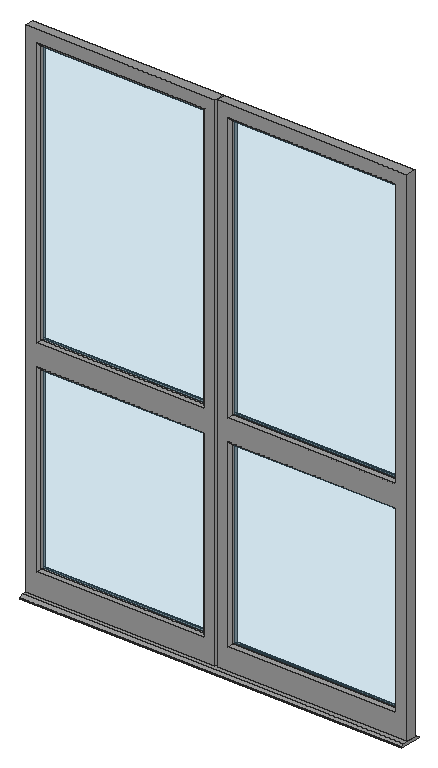
Revit family "NS-212 DOOR-Double-VIP-0.25-SF_v04", category Curtain Panels, Revit 2015
Parameters
  Width [instance] = 6' - 2"
  VIP2 Panic Devices [instance] = not(VIP1 Panic Devices)  # yes
  VIP1 Panic Devices [instance] = no
  URL = "obe.com"
  Rough Width [instance] = 6' - 0"
  Offset [instance] = 0' - 0"
  Model = "NS-212 DOOR"
  Min Panel Width [instance] = if(Rough Width > 5' 11 255/256", Rough Width, 6' 0")  # 6' - 0"
  Manufacturer = "Oldcastle BuildingEnvelope®"
  Keynote = "08 11 00"
  Hinge [instance] = yes
  Height [instance] = 8' - 0"
  Pushbar Height [instance] = 3' - 5 1/4"  # constant formula
  Glass Material = Glass
  Frame Material = Aluminum
  Door Panel Height [instance] = Height + 0' 0 1/2"  # 8' - 0 1/2"
  Description = "NS-212 - 1/4\" Door Infill"
  Assembly Code = "B2030"
  Analytic Construction = "<None>"
  6.5 Bottom Rail [instance] = not([4 Bottom Rail])  # no
  4 Bottom Rail [instance] = yes
Reference planes (in)
  plane 1 "Front": y = 0
  plane 2: z = 0
  plane 3 "Center (Left/Right)": x = 0
  plane 4 "Left": x = -37
  plane 5 "Right": x = 37
  plane 6 "Top": z = 96
  plane 7: x = -36
  plane 8: x = 36
Text (in)
  text "Exterior" at (-54.29358, 31.38743, 0), in view "Ref. Level"
  text "Exterior" at (480, 41.53993, 89.60405), in view "Right"
  text "Exterior" at (-240, 57.82419, 105.78864), in view "Left"
Dimensions and locks (in)
  equal spacing: plane 4 "Left", plane 3 "Center (Left/Right)", plane 5 "Right"
  "Width": plane 4 "Left" to plane 5 "Right"
  "Height": plane 6 "Top" to plane 2
  equal spacing: plane 7, plane 3 "Center (Left/Right)", plane 8
  "Min Panel Width": plane 7 to plane 8
  aligned and locked: level to plane 2
  aligned and locked: plane 3 "Center (Left/Right)" to nested 1
  aligned and locked: plane 1 "Front" to nested 1
Nested families (in)
  nested 1: "NS-212 DOOR-Double-VIP-0.25-Panel_v03" at (0, -13, 0), 4 Bottom Rail <- "4 Bottom Rail", VIP1 Panic Devices <- "VIP1 Panic Devices", Hinge <- "Hinge", Height <- "Door Panel Height", Width <- "Min Panel Width", Frame Material <- "Frame Material", Glass Material <- "Glass Material", Offset <- "Offset", type "NS-212 DOOR-Double-VIP-0.25-Panel_v03"
    with Wing Width 3' - 0", built-in parameter 1001301 6' - 0", VIP2 Panic Devices yes, VIP1 Panic Devices no, Pushbar Height 3' - 5 1/4", Offset 0' - 0", Hinge yes, built-in parameter 1001300 8' - 0 1/2", Glass at Muntin 0' - 4 9/16", Glass Material Glass, Frame Material Aluminum, Bottom Rail 0' - 4 31/32", 6.5 Bottom Rail no, 4 Bottom Rail yes
Definition of nested family "NS-212 DOOR-Double-VIP-0.25-Panel_v03"
  Parameters (values of type "NS-212 DOOR-Double-VIP-0.25-Panel_v03")
    Wing Width [instance] = Width / 2  # 3' - 0"
    Width [instance] = 6' - 0"
    VIP2 Panic Devices [instance] = not(VIP1 Panic Devices)  # yes
    VIP1 Panic Devices [instance] = no
    Offset [instance] = 0' - 9.9713"
    Hinge [instance] = yes
    Height [instance] = 8' - 0"
    Glass at Muntin [instance] = if(VIP1 Panic Devices, 0' 8 9/16", 0' 4 9/16")  # 0' - 4 9/16"
    Pushbar Height [instance] = 3' - 5 1/4"  # constant formula
    Glass Material [instance] = none
    Frame Material [instance] = none
    Bottom Rail [instance] = if([4 Bottom Rail], 0' 4 31/32", 0' 7 15/32")  # 0' - 4 31/32"
    6.5 Bottom Rail [instance] = not([4 Bottom Rail])  # no
    4 Bottom Rail [instance] = yes
  Reference planes (in)
    plane 1 "00": y = 2.0912
    plane 2: z = 0
    plane 3 "Center (Left/Right)": x = 0
    plane 4: z = 96
    plane 5: x = 36
    plane 6: x = -36
    plane 7 "Center (Front/Back)": y = 13
    plane 8 "Exterior": y = 2.2162
    plane 9: z = 48
    plane 10: z = 92.96875
    plane 11: z = 92.96875
    plane 12: z = 43.53125
    plane 13: z = 38.96875
    plane 14: z = 4.96875
    plane 15 "Offset": y = 3.0287
    plane 16: z = 41.25
    plane 17: z = 80.96875
  Forms (in)
    Sweep 1, solid, material <- "Frame Material"
      path origin (0, 2.0912, 0) x (1, 0, 0) y (0, 0, 1)
        loop
          line (-35.79321, 96) -> (-0.22004, 96)
      profile origin (-18.00662, 2.0912, 96) x (0, 0, 1) y (0, -1, 0)
        loop
          line (-0.5, -0.875) -> (-0.5, 0.875) -> (-2.74593, 0.875) -> (-3.25, 0.45204) -> (-3.25, 0.125) -> (-3.03125, 0.125) -> (-3.03125, -0.125) -> (-3.25, -0.125) -> (-3.25, -0.45204) -> (-2.74593, -0.875) -> (-0.5, -0.875)
    Sweep 2, solid, material <- "Frame Material"
      path origin (0, 2.0912, 0) x (1, 0, 0) y (0, 0, 1)
        loop
          line (-0.22004, 0) -> (-35.79321, 0)
      profile origin (-18.00662, 2.0912, 0) x (0, 0, -1) y (0, -1, 0)
        loop
          line (-4.68343, -0.875) -> (-0.6875, -0.875) -> (-0.6875, 0.875) -> (-4.68343, 0.875) -> (-5.1875, 0.45204) -> (-5.1875, 0.125) -> (-4.96875, 0.125) -> (-4.96875, -0.125) -> (-5.1875, -0.125) -> (-5.1875, -0.45204) -> (-4.68343, -0.875)
    Sweep 3, solid, material <- "Frame Material"
      path origin (0, 2.0912, 0) x (1, 0, 0) y (0, 0, 1)
        loop
          line (36, 95.5) -> (36, 0.6875)
      profile origin (36, 2.0912, 48.09375) x (0, -1, 0) y (1, 0, 0)
        loop
          line (-0.875, -0.08821) -> (-0.875, -2.20914) -> (-0.45204, -2.71321) -> (-0.125, -2.71321) -> (-0.125, -2.49446) -> (0.125, -2.49446) -> (0.125, -2.71321) -> (0.45204, -2.71321) -> (0.875, -2.20914) -> (0.875, -0.19721) -> (-0.875, -0.08821)
    Sweep 4, solid, material <- "Frame Material"
      path origin (0, 2.0912, 0) x (1, 0, 0) y (0, 0, 1)
        loop
          line (-36, 95.5) -> (-36, 0.6875)
      profile origin (-36, 2.0912, 48.09375) x (0, -1, 0) y (1, 0, 0)
        loop
          line (0.87496, 0.20679) -> (0.87496, 2.21872) -> (0.452, 2.72279) -> (0.12496, 2.72279) -> (0.12496, 2.50404) -> (-0.12504, 2.50404) -> (-0.12504, 2.72279) -> (-0.45208, 2.72279) -> (-0.87504, 2.21872) -> (-0.87504, 0.09779) -> (0.87496, 0.20679)
    Sweep 5, solid, material <- "Frame Material"
      path origin (0, 2.0912, 0) x (1, 0, 0) y (0, 0, 1)
        loop
          line (0, 95.5) -> (0, 0.6875)
      profile origin (0, 2.0912, 48.09375) x (0, -1, 0) y (1, 0, 0)
        loop
          line (-0.875, -0.22004) -> (-0.875, -2.18343) -> (-0.45204, -2.6875) -> (-0.125, -2.6875) -> (-0.125, -2.46875) -> (0.125, -2.46875) -> (0.125, -2.6875) -> (0.45204, -2.6875) -> (0.875, -2.18343) -> (0.875, -0.22004)
          arc (0.875, -0.22004) -> (0, -0.0625) -> (-0.875, -0.22004) r 2.50872
        loop
          arc (-0.875, 0.22004) -> (0, 0.0625) -> (0.875, 0.22004) r 2.50872
          line (0.875, 0.22004) -> (0.875, 2.18343) -> (0.45204, 2.6875) -> (0.125, 2.6875) -> (0.125, 2.46875) -> (-0.125, 2.46875) -> (-0.125, 2.6875) -> (-0.45204, 2.6875) -> (-0.875, 2.18343) -> (-0.875, 0.22004)
    Sweep 6, solid, material <- "Frame Material"
      path origin (0, 2.0912, 0) x (1, 0, 0) y (0, 0, 1)
        loop
          line (0.22004, 96) -> (35.80279, 96)
      profile origin (18.01141, 2.0912, 96) x (0, 0, 1) y (0, -1, 0)
        loop
          line (-0.5, -0.875) -> (-0.5, 0.875) -> (-2.74593, 0.875) -> (-3.25, 0.45204) -> (-3.25, 0.125) -> (-3.03125, 0.125) -> (-3.03125, -0.125) -> (-3.25, -0.125) -> (-3.25, -0.45204) -> (-2.74593, -0.875) -> (-0.5, -0.875)
    Sweep 7, solid, material <- "Frame Material"
      path origin (0, 2.0912, 0) x (1, 0, 0) y (0, 0, 1)
        loop
          line (35.80279, 48) -> (0.22004, 48)
      profile origin (18.01141, 2.0912, 48) x (0, 0, -1) y (0, -1, 0)
        loop
          line (4.25, 0.45204) -> (4.25, 0.125) -> (4.46875, 0.125) -> (4.46875, -0.125) -> (4.25, -0.125) -> (4.25, -0.45204) -> (4.75407, -0.875) -> (8.74593, -0.875) -> (9.25, -0.45204) -> (9.25, -0.125) -> (9.03125, -0.125) -> (9.03125, 0.125) -> (9.25, 0.125) -> (9.25, 0.45204) -> (8.74593, 0.875) -> (4.75407, 0.875) -> (4.25, 0.45204)
    Sweep 8, solid, material <- "Frame Material"
      path origin (0, 2.0912, 0) x (1, 0, 0) y (0, 0, 1)
        loop
          line (35.80279, 0) -> (0.22004, 0)
      profile origin (18.01141, 2.0912, 0) x (0, 0, -1) y (0, -1, 0)
        loop
          line (-4.68343, -0.875) -> (-0.6875, -0.875) -> (-0.6875, 0.875) -> (-4.68343, 0.875) -> (-5.1875, 0.45204) -> (-5.1875, 0.125) -> (-4.96875, 0.125) -> (-4.96875, -0.125) -> (-5.1875, -0.125) -> (-5.1875, -0.45204) -> (-4.68343, -0.875)
    Extrusion 9, solid, material <- "Glass Material"
      sketch origin (0, 0, 0) x (1, 0, 0) y (0, 1, 0)
        loop
          line (-33.49596, 2.2162) -> (-33.49596, 1.9662) -> (-2.46875, 1.9662) -> (-2.46875, 2.2162) -> (-33.49596, 2.2162)
      from 4.96875 to 38.96875
    Extrusion 10, solid, material <- "Glass Material"
      sketch origin (0, 0, 0) x (1, 0, 0) y (0, 1, 0)
        loop
          line (2.46875, 2.2162) -> (2.46875, 1.9662) -> (33.50554, 1.9662) -> (33.50554, 2.2162) -> (2.46875, 2.2162)
      from 4.96875 to 38.96875
    Extrusion 11, solid, material <- "Glass Material"
      sketch origin (0, 0, 0) x (1, 0, 0) y (0, 1, 0)
        loop
          line (-2.46875, 2.2162) -> (-33.49596, 2.2162) -> (-33.49596, 1.9662) -> (-2.46875, 1.9662) -> (-2.46875, 2.2162)
      from 43.53125 to 92.96875
    Extrusion 12, solid, material <- "Glass Material"
      sketch origin (0, 0, 0) x (1, 0, 0) y (0, 1, 0)
        loop
          line (33.50554, 2.2162) -> (2.46875, 2.2162) -> (2.46875, 1.9662) -> (33.50554, 1.9662) -> (33.50554, 2.2162)
      from 43.53125 to 92.96875
    Sweep 13, solid, material <- "Frame Material"
      path origin (0, 2.0912, 0) x (1, 0, 0) y (0, 0, 1)
        loop
          line (-0.22004, 48) -> (-35.79321, 48)
      profile origin (-18.00662, 2.0912, 48) x (0, 0, -1) y (0, -1, 0)
        loop
          line (4.25, 0.45204) -> (4.25, 0.125) -> (4.46875, 0.125) -> (4.46875, -0.125) -> (4.25, -0.125) -> (4.25, -0.45204) -> (4.75407, -0.875) -> (8.74593, -0.875) -> (9.25, -0.45204) -> (9.25, -0.125) -> (9.03125, -0.125) -> (9.03125, 0.125) -> (9.25, 0.125) -> (9.25, 0.45204) -> (8.74593, 0.875) -> (4.75407, 0.875) -> (4.25, 0.45204)
    Sweep 14, solid, material <- "Frame Material"
      path origin (0, 3.0287, 0) x (1, 0, 0) y (0, 0, 1)
        loop
          line (-35.79321, 0) -> (35.80279, 0)
      profile origin (0.00479, 3.0287, 0) x (0, 0, 1) y (0, -1, 0)
        loop
          line (0.5, -0.218) -> (0.5, 2.468) -> (0.19364, 3.125) -> (0, 3.125) -> (0, -0.875) -> (0.19364, -0.875) -> (0.5, -0.218)
  Cuts and joins
    joined: Sweep 1, Sweep 2, Sweep 3, Sweep 4, Sweep 5, Sweep 6, Sweep 7, Sweep 8, Sweep 13
  Lines and regions (in)
    model lines
      curve 1: line (0.22004, 2.2162, 95.5) -> (35.80279, 2.2162, 48)
      curve 2: line (35.80279, 2.2162, 48) -> (0.22004, 2.2162, 0.5)
      curve 3: line (-0.22004, 2.2162, 95.5) -> (-35.79321, 2.2162, 48)
      curve 4: line (-35.79321, 2.2162, 48) -> (-0.22004, 2.2162, 0.5)
  Dimensions and locks (in)
    "Height": plane 4 to level
    "Width": plane 6 to plane 5
    "Offset": plane 15 "Offset" to plane 7 "Center (Front/Back)"
    equal spacing: level, plane 9, plane 4
    locked: plane 3 "Center (Left/Right)" to Sweep 2 sketch curve at 0.22004
    locked: Sweep 3 sketch curve to plane 4 at 0.5
    locked: Sweep 4 sketch curve to plane 4 at 0.5
    locked: plane 3 "Center (Left/Right)" to Sweep 1 sketch curve at 0.22004
    "Bottom Rail": Sweep 2 sketch curve to level
    Sweep 2 sketch curve to Sweep 2 sketch curve to Sweep 2 sketch curve to Sweep 2 sketch curve to Sweep 2 sketch curve = 0' - 0" locked, 0' - 0 7/32" locked, 0' - 0.28532" locked, 0' - 0" locked
    locked: Sweep 6 sketch curve to plane 3 "Center (Left/Right)" at 0.22004
    locked: Sweep 7 sketch curve to plane 3 "Center (Left/Right)" at 0.22004
    locked: Sweep 8 sketch curve to plane 3 "Center (Left/Right)" at 0.22004
    locked: plane 10 to plane 4 at 3.03125
    "Bottom Rail": level to Extrusion 9
    Extrusion 10 sketch curve to plane 1 "00" to Extrusion 10 sketch curve = 0' - 0 1/8" locked, 0' - 0 1/8" locked
    locked: plane 3 "Center (Left/Right)" to Extrusion 10 sketch curve at 2.46875
    Extrusion 9 sketch curve to plane 1 "00" to Extrusion 9 sketch curve = 0' - 0 1/8" locked, 0' - 0 1/8" locked
    Extrusion 11 sketch curve to plane 1 "00" to Extrusion 11 sketch curve = 0' - 0 1/8" locked, 0' - 0 1/8" locked
    Extrusion 12 sketch curve to plane 1 "00" to Extrusion 12 sketch curve = 0' - 0 1/8" locked, 0' - 0 1/8" locked
    locked: plane 3 "Center (Left/Right)" to Extrusion 12 sketch curve at 2.46875
    Extrusion 9 sketch curve to plane 3 "Center (Left/Right)" = 0' - 2 15/32"
    locked: Extrusion 11 sketch curve to plane 3 "Center (Left/Right)" at 2.46875
    locked: Sweep 1 sketch curve to plane 6 at 0.20679
    locked: plane 5 to Sweep 6 sketch curve at 0.19721
    locked: plane 4 to Sweep 5 sketch curve at 0.5
    locked: plane 5 to Sweep 7 sketch curve at 0.19721
    locked: Sweep 2 sketch curve to plane 6 at 0.20679
    locked: plane 5 to Sweep 8 sketch curve at 0.19721
    locked: Sweep 6 sketch curve to plane 11 at 0.28532  (x2)
    locked: plane 11 to Sweep 6 sketch curve at 0.21875  (x2)
    locked: plane 14 to Sweep 8 sketch curve at 0.28532  (x2)
    locked: Sweep 8 sketch curve to plane 14 at 0.21875  (x2)
    locked: plane 4 to plane 11 at 3.03125
    equal spacing: plane 6, plane 3 "Center (Left/Right)", plane 5
    plane 1 "00" to plane 8 "Exterior" to plane 15 "Offset" = 0' - 0 1/8" locked, 0' - 0 13/16" locked
    locked: Sweep 13 sketch curve to plane 6 at 0.20679
    locked: plane 3 "Center (Left/Right)" to Sweep 13 sketch curve at 0.22004
    Sweep 7 sketch curve to plane 12 to Sweep 7 sketch curve = 0' - 0 7/32" locked, 0' - 0.28532" locked  (x2)
    Sweep 7 sketch curve to plane 13 to Sweep 7 sketch curve = 0' - 0.28532" locked, 0' - 0 7/32" locked  (x2)
    Sweep 13 sketch curve to plane 13 to Sweep 13 sketch curve = 0' - 0.28532" locked, 0' - 0 7/32" locked  (x2)
    Sweep 13 sketch curve to plane 12 to Sweep 13 sketch curve = 0' - 0 7/32" locked, 0' - 0.28532" locked  (x2)
    equal spacing: plane 12, plane 16, plane 13
    "Glass at Muntin": plane 12 to plane 13
    "Pushbar Height": plane 16 to plane 2
    locked: plane 1 "00" to nested 1 at 0.0287
    "Bottom Rail": plane 14 to level
    locked: plane 5 to Sweep 14 sketch curve at 0.19721
    locked: Sweep 14 sketch curve to plane 6 at 0.20679
    locked: Sweep 4 sketch curve to plane 2 at 0.6875
    locked: Sweep 5 sketch curve to plane 2 at 0.6875
    locked: Sweep 3 sketch curve to plane 2 at 0.6875
    aligned and locked: plane 2 to level
    aligned and locked: plane 3 "Center (Left/Right)" to nested 1
    aligned and locked: Sweep 1 sketch curve to plane 4
    aligned and locked: Sweep 2 sketch curve to level
    aligned and locked: level to nested 2
    aligned and locked: nested 2 to plane 1 "00"
    aligned and locked: plane 5 to Sweep 3 sketch curve
    aligned and locked: plane 6 to Sweep 4 sketch curve
    aligned and locked: plane 3 "Center (Left/Right)" to Sweep 5 sketch curve
    aligned and locked: plane 9 to curve 3
    aligned and locked: plane 9 to curve 1
    aligned and locked: Sweep 8 sketch curve to level
    aligned and locked: Sweep 7 sketch curve to plane 9
    aligned and locked: plane 4 to Sweep 6 sketch curve
    aligned and locked: Extrusion 12 to cut or joined group of Sweep 1, Sweep 2, Sweep 3, Sweep 4, Sweep 5, Sweep 6, Sweep 7, Sweep 8, Sweep 13
    aligned and locked: plane 11 to Extrusion 12
    aligned and locked: plane 13 to Extrusion 10
    aligned and locked: Extrusion 12 to plane 12
    aligned and locked: Extrusion 10 to plane 14
    aligned and locked: curve 3 to cut or joined group of Sweep 1, Sweep 2, Sweep 3, Sweep 4, Sweep 5, Sweep 6, Sweep 7, Sweep 8, Sweep 13
    aligned and locked: cut or joined group of Sweep 1, Sweep 2, Sweep 3, Sweep 4, Sweep 5, Sweep 6, Sweep 7, Sweep 8, Sweep 13 to curve 4
    aligned and locked: plane 9 to Sweep 13 sketch curve
    aligned and locked: plane 13 to Extrusion 9
    aligned and locked: Extrusion 11 to plane 12
    aligned and locked: plane 12 to Sweep 7 sketch curve
    aligned and locked: plane 13 to Sweep 7 sketch curve
    aligned and locked: plane 11 to Extrusion 11
    aligned and locked: Sweep 14 sketch curve to plane 2
  Automatic sketch dimensions
    plane 1 "00" to Sweep 1 sketch curve = 0' - 0 1/8"
    profile plane to Sweep 1 sketch curve = 0' - 3 1/4"
    Sweep 1 sketch curve to plane 1 "00" = 0' - 0.45204"
    Sweep 1 sketch curve to Sweep 1 sketch curve = 0' - 0"
    Sweep 1 sketch curve to Sweep 1 sketch curve = 0' - 0 7/32"
    plane 1 "00" to Sweep 1 sketch curve = 0' - 0 7/8"
    Sweep 1 sketch curve to Sweep 1 sketch curve = 0' - 0.50407"  (x2)
    profile plane to Sweep 1 sketch curve = 0' - 0 1/2"
    Sweep 1 sketch curve to plane 1 "00" = 0' - 0 7/8"
    Sweep 1 sketch curve to plane 1 "00" = 0' - 0 1/8"
    Sweep 1 sketch curve to Sweep 1 sketch curve = 0' - 0.32704"
    profile plane to Sweep 3 sketch curve = 0' - 0.08821"
    Sweep 3 sketch curve to plane 1 "00" = 0' - 0 7/8"
    Sweep 3 sketch curve to plane 1 "00" = 0' - 0.45204"
    Sweep 3 sketch curve to plane 1 "00" = 0' - 0 1/8"
    plane 1 "00" to Sweep 3 sketch curve = 0' - 0 1/8"
    Sweep 3 sketch curve to Sweep 3 sketch curve = 0' - 0.32704"
    profile plane to Sweep 3 sketch curve = 0' - 0.19721"
    plane 1 "00" to Sweep 3 sketch curve = 0' - 0 7/8"
    Sweep 3 sketch curve to Sweep 3 sketch curve = 0' - 2.12093"
    Sweep 3 sketch curve to Sweep 3 sketch curve = 0' - 0"
    Sweep 3 sketch curve to Sweep 3 sketch curve = 0' - 0.28532"
    Sweep 3 sketch curve to Sweep 3 sketch curve = 0' - 0 7/32"  (x2)
    Sweep 4 sketch curve to plane 1 "00" = 0' - 0.87504"
    Sweep 4 sketch curve to plane 1 "00" = 0' - 0.45208"
    Sweep 4 sketch curve to plane 1 "00" = 0' - 0.12504"
    plane 1 "00" to Sweep 4 sketch curve = 0' - 0.12496"
    Sweep 4 sketch curve to Sweep 4 sketch curve = 0' - 0.32704"
    Sweep 4 sketch curve to Sweep 4 sketch curve = 0' - 0.42296"
    Sweep 4 sketch curve to profile plane = 0' - 0.09779"
    Sweep 4 sketch curve to profile plane = 0' - 0.20679"
    Sweep 4 sketch curve to Sweep 4 sketch curve = 0' - 2.12093"
    Sweep 4 sketch curve to Sweep 4 sketch curve = 0' - 0"
    Sweep 4 sketch curve to Sweep 4 sketch curve = 0' - 0.28532"
    Sweep 4 sketch curve to Sweep 4 sketch curve = 0' - 0 7/32"  (x2)
    plane 1 "00" to Sweep 5 sketch curve = 0' - 0"  (x2)
    Sweep 5 sketch curve to plane 1 "00" = 0' - 0 1/8"  (x2)
    Sweep 5 sketch curve to Sweep 5 sketch curve = 0' - 0.32704"  (x4)
    Sweep 5 sketch curve to profile plane = 0' - 0.22004"
    Sweep 5 sketch curve to plane 1 "00" = 0' - 0 7/8"
    Sweep 5 sketch curve to Sweep 5 sketch curve = 0' - 0.42296"  (x3)
    plane 1 "00" to Sweep 5 sketch curve = 0' - 0 1/8"  (x2)
    profile plane to Sweep 5 sketch curve = 0' - 0.22004"
    Sweep 5 sketch curve to Sweep 5 sketch curve = 0' - 1.96339"  (x2)
    Sweep 5 sketch curve to Sweep 5 sketch curve = 0' - 0"  (x2)
    Sweep 5 sketch curve to Sweep 5 sketch curve = 0' - 0.28532"  (x2)
    Sweep 5 sketch curve to Sweep 5 sketch curve = 0' - 0.10247"  (x2)
    Sweep 5 sketch curve to Sweep 5 sketch curve = 0' - 0.11628"  (x4)
    Sweep 6 sketch curve to Sweep 6 sketch curve = 0' - 0 7/32"
    profile plane to Sweep 6 sketch curve = 0' - 0 1/2"
    Sweep 6 sketch curve to plane 1 "00" = 0' - 0 7/8"
    Sweep 6 sketch curve to plane 1 "00" = 0' - 0.45204"
    Sweep 6 sketch curve to plane 1 "00" = 0' - 0 1/8"
    plane 1 "00" to Sweep 6 sketch curve = 0' - 0 1/8"
    Sweep 6 sketch curve to Sweep 6 sketch curve = 0' - 0.32704"
    Sweep 6 sketch curve to Sweep 6 sketch curve = 0' - 0.42296"
    Sweep 7 sketch curve to profile plane = 0' - 0 7/8"
    Sweep 7 sketch curve to Sweep 7 sketch curve = 0' - 0.42296"  (x3)
    Sweep 7 sketch curve to Sweep 7 sketch curve = 0' - 0.32704"  (x4)
    Sweep 7 sketch curve to Sweep 7 sketch curve = 0' - 0 1/4"  (x2)
    Sweep 8 sketch curve to Sweep 8 sketch curve = 0' - 0 7/32"
    profile plane to Sweep 8 sketch curve = 0' - 0 11/16"
    Sweep 8 sketch curve to plane 1 "00" = 0' - 0.45204"
    Sweep 8 sketch curve to plane 1 "00" = 0' - 0 1/8"
    plane 1 "00" to Sweep 8 sketch curve = 0' - 0 1/8"
    Sweep 8 sketch curve to Sweep 8 sketch curve = 0' - 0.32704"
    Sweep 8 sketch curve to Sweep 8 sketch curve = 0' - 0.42296"
    plane 6 to Extrusion 9 sketch curve = 0' - 2.50404"
    Extrusion 10 sketch curve to plane 5 = 0' - 2.49446"
    plane 6 to Extrusion 11 sketch curve = 0' - 2.50404"
    Extrusion 12 sketch curve to plane 5 = 0' - 2.49446"
    plane 6 to curve 3 = 0' - 0.20679"
    curve 2 to plane 5 = 0' - 0.19721"
    plane 3 "Center (Left/Right)" to curve 2 = 0' - 0.22004"
    plane 3 "Center (Left/Right)" to curve 1 = 0' - 0.22004"
    level to curve 4 = 0' - 0 1/2"
    curve 2 to curve 4 = 0' - 0"
    curve 3 to plane 4 = 0' - 0 1/2"
    curve 1 to curve 3 = 0' - 0"
    Sweep 13 sketch curve to Sweep 13 sketch curve = 0' - 0 7/32"  (x2)
    profile plane to Sweep 13 sketch curve = 0' - 0 7/8"
    Sweep 13 sketch curve to Sweep 13 sketch curve = 0' - 0.42296"  (x3)
    Sweep 13 sketch curve to Sweep 13 sketch curve = 0' - 0.32704"  (x4)
    Sweep 13 sketch curve to Sweep 13 sketch curve = 0' - 0 1/4"  (x2)
    Sweep 8 sketch curve to Sweep 8 sketch curve = 0' - 1 3/4"
    Sweep 14 sketch curve to profile plane = 0' - 0.19364"  (x2)
    Sweep 14 sketch curve to plane 15 "Offset" = 0' - 0 7/8"
    Sweep 14 sketch curve to plane 15 "Offset" = 0' - 0.218"
    Sweep 14 sketch curve to Sweep 14 sketch curve = 0' - 2.686"
    Sweep 14 sketch curve to Sweep 14 sketch curve = 0' - 0.657"
    Sweep 14 sketch curve to profile plane = 0' - 0"
    Sweep 14 sketch curve to profile plane = 0' - 0 1/2"
    profile plane to Sweep 2 sketch curve = 0' - 0 11/16"
    Sweep 2 sketch curve to plane 1 "00" = 0' - 0 7/8"
    Sweep 2 sketch curve to plane 1 "00" = 0' - 0.45204"
    Sweep 2 sketch curve to plane 1 "00" = 0' - 0 1/8"
    plane 1 "00" to Sweep 2 sketch curve = 0' - 0 1/8"
    Sweep 2 sketch curve to Sweep 2 sketch curve = 0' - 0.32704"
    Sweep 2 sketch curve to Sweep 2 sketch curve = 0' - 0.42296"
  Nested families (in)
    nested 1: "NS-212 DOOR-Double-VIP-0.25-Plan View" at (0, 2.1199, 0), Width <- "Width", Wing Width <- "Wing Width", Hinge <- "Hinge", type "NS-212 DOOR-Double-VIP-0.25-Plan View"
      with Wing Width 3' - 0", Width 6' - 0", No Hinge no, Hinge yes
    nested 2: "NS-212 DOOR-Double-VIP-0.25-Section_v02" at (0, 2.0912, 0) x (0, -1, 0) z (1, 0, 0), Height <- "Height", 4 Bottom Rail <- "4 Bottom Rail", VIP1 Panic Devices <- "VIP1 Panic Devices", type "NS-212 DOOR-Double-VIP-0.25-Section_v02"
      with VIP2 Panic Devices yes, VIP1 Panic Devices no, Pushbar Height 3' - 5 1/4", Height 8' - 0", Glass at Muntins 0' - 4 9/16", Bottom Rail 0' - 4 31/32", 6.5 Bottom Rail no, 4 Bottom Rail yes
  Definition of nested family "NS-212 DOOR-Double-VIP-0.25-Plan View"
    Parameters (values of type "NS-212 DOOR-Double-VIP-0.25-Plan View")
      Wing Width [instance] = Width / 2  # 2' - 0"
      Width [instance] = 4' - 0"
      No Hinge [instance] = not(Hinge)  # no
      Hinge [instance] = yes
    Reference planes (in)
      plane 1 "Center (Front/Back)": y = 0
      plane 2: z = 0
      plane 3 "Center (Left/Right)": x = 0
      plane 4: x = -24
      plane 5: x = 24
      plane 6: x = 22.68437
      plane 7: x = -22.68437
    Lines and regions (in)
      detail lines, in view "Ref. Level", not visible
        curve 1: line (-21.50075, 0.125, 0) -> (-2.46875, 0.125, 0)
        curve 2: line (-21.50075, -0.125, 0) -> (-2.46875, -0.125, 0)
        curve 8: line (2.46875, -0.125, 0) -> (21.50075, -0.125, 0)
        curve 9: line (2.46875, 0.125, 0) -> (21.50075, 0.125, 0)
      detail lines, in view "Ref. Level"
        curve 3: line (22.55937, 3.84925, 0) -> (22.55937, 21.53125, 0)
        curve 7: line (22.80937, 3.84925, 0) -> (22.80937, 21.53125, 0)
        curve 10: line (-22.55937, 3.84925, 0) -> (-22.55937, 21.53125, 0)
        curve 14: line (-22.80937, 3.84925, 0) -> (-22.80937, 21.53125, 0)
        curve 15: arc (-22.68437, 23.9375, 0) -> (-6.41152, 16.65795, 0) -> (-0.0625, 0, 0) r 23.27474
        curve 16: arc (0.06272, 0, 0) -> (6.35751, 16.70905, 0) -> (22.68437, 23.9375, 0) r 23.09756
      detail lines, in view "Ref. Level", detail levels fine
        curve 4: line (22.62187, 3.84925, 0) -> (22.62187, 21.53125, 0)
        curve 5: line (22.68437, 3.84925, 0) -> (22.68437, 21.53125, 0)
        curve 6: line (22.74687, 3.84925, 0) -> (22.74687, 21.53125, 0)
        curve 11: line (-22.62187, 3.84925, 0) -> (-22.62187, 21.53125, 0)
        curve 12: line (-22.68437, 3.84925, 0) -> (-22.68437, 21.53125, 0)
        curve 13: line (-22.74687, 3.84925, 0) -> (-22.74687, 21.53125, 0)
    Dimensions and locks (in)
      equal spacing: plane 4, plane 3 "Center (Left/Right)", plane 5
      "Wing Width": plane 1 "Center (Front/Back)" to nested 3
      "Wing Width": plane 1 "Center (Front/Back)" to nested 4
      locked: plane 4 to plane 7 at 1.31563
      locked: nested 9 to plane 4 at 2.25
      locked: nested 10 to plane 4 at 2.25
      locked: nested 7 to plane 1 "Center (Front/Back)" at 0.9
      locked: plane 5 to nested 8 at 2.25
      locked: plane 5 to nested 5 at 2.25
      locked: plane 6 to plane 5 at 1.31563
      locked: nested 6 to plane 1 "Center (Front/Back)" at 0.9
      "Width": plane 4 to plane 5
      aligned and locked: plane 3 "Center (Left/Right)" to nested 1
      aligned and locked: nested 1 to plane 1 "Center (Front/Back)"
      aligned and locked: plane 3 "Center (Left/Right)" to nested 2
      aligned and locked: nested 2 to plane 1 "Center (Front/Back)"
      aligned and locked: nested 3 to plane 6
      aligned and locked: plane 7 to nested 4
      aligned and locked: curve 7 to nested 3
      aligned and locked: nested 3 to curve 6
      aligned and locked: nested 3 to curve 5
      aligned and locked: nested 3 to curve 4
      aligned and locked: nested 3 to curve 3
      aligned and locked: nested 4 to curve 10
      aligned and locked: nested 4 to curve 11
      aligned and locked: nested 4 to curve 12
      aligned and locked: nested 4 to curve 13
      aligned and locked: curve 14 to nested 4
      aligned and locked: plane 1 "Center (Front/Back)" to nested 5
      aligned and locked: plane 6 to nested 6
      aligned and locked: nested 7 to plane 7
      aligned and locked: nested 10 to curve 1
      aligned and locked: curve 2 to nested 10
      aligned and locked: curve 1 to nested 1
      aligned and locked: nested 1 to curve 2
      aligned and locked: nested 10 to plane 1 "Center (Front/Back)"
      aligned and locked: nested 8 to plane 1 "Center (Front/Back)"
      aligned and locked: nested 5 to curve 9
      aligned and locked: curve 8 to nested 5
      aligned and locked: curve 9 to nested 2
      aligned and locked: nested 2 to curve 8
    Automatic sketch dimensions
      curve 12 to plane 7 = 0' - 0"
      curve 15 to plane 7 = 0' - 0"
      plane 1 "Center (Front/Back)" to curve 15 = 0' - 0"
      plane 1 "Center (Front/Back)" to curve 16 = 0' - 0"
      curve 5 to plane 6 = 0' - 0"
      curve 16 to plane 6 = 0' - 0"
      curve 15 to plane 7 = 0' - 0.64318"
      curve 16 to plane 6 = 0' - 0.46047"
      curve 15 to plane 1 "Center (Front/Back)" = 0' - 0.67165"
      curve 16 to plane 1 "Center (Front/Back)" = 0' - 0.84453"
      curve 13 to curve 12 = 0' - 0 1/16"
      curve 14 to curve 13 = 0' - 0 1/16"
      plane 7 to curve 11 = 0' - 0 1/16"
      curve 11 to curve 10 = 0' - 0 1/16"
      curve 15 to plane 3 "Center (Left/Right)" = 0' - 0 1/16"
      plane 3 "Center (Left/Right)" to curve 16 = 0' - 0.06272"
      plane 6 to curve 3 = 0' - 0 1/8"
      plane 6 to curve 4 = 0' - 0 1/16"
      curve 5 to curve 6 = 0' - 0 1/16"
      curve 6 to curve 7 = 0' - 0 1/16"
      plane 1 "Center (Front/Back)" to curve 8 = 0' - 0 1/8"
      plane 1 "Center (Front/Back)" to curve 2 = 0' - 0 1/8"
      curve 1 to plane 1 "Center (Front/Back)" = 0' - 0 1/8"
      curve 9 to plane 1 "Center (Front/Back)" = 0' - 0 1/8"
      curve 16 to curve 5 = 0' - 3.00472"
      curve 4 to curve 5 = 0' - 0"
      curve 3 to curve 4 = 0' - 0"
      curve 15 to curve 10 = 0' - 3.1776"
      curve 5 to curve 6 = 0' - 0"
      curve 6 to curve 7 = 0' - 0"
      curve 11 to curve 10 = 0' - 0"
      curve 14 to curve 11 = 0' - 0"
      curve 12 to curve 11 = 0' - 0"
      curve 13 to curve 12 = 0' - 0"
    Nested families (in)
      nested 1: "M STILE L-DI" at (0, 0, 0) x (-1, 0, 0) z (0, 0, 1), type "M STILE L-DI", in view "Ref. Level", not visible
      nested 2: "M STILE R-DI" at (0, 0, 0) x (-1, 0, 0) z (0, 0, 1), type "M STILE R-DI", in view "Ref. Level", not visible
      nested 3: "M STILE R-DI" at (22.68437, 24, 0) x (0, 1, 0) z (0, 0, 1), type "M STILE R-DI", in view "Ref. Level"
      nested 4: "M STILE R-DI" at (-22.68437, 24, 0) x (0, 1, 0) z (0, 0, 1), type "M STILE R-DI", in view "Ref. Level"
      nested 5: "HINGE-HD-DI" at (26.25, 0, 0), type "HINGE-HD-DI", in view "Ref. Level", not visible
      nested 6: "HINGE-HD-DI" at (22.68437, -0.9, 0) x (0, -1, 0) z (0, 0, 1), type "HINGE-HD-DI", in view "Ref. Level"
      nested 7: "HINGE-HD-DI" at (-22.68437, -0.9, 0) x (0, -1, 0) z (0, 0, 1), type "HINGE-HD-DI", in view "Ref. Level"
      nested 8: "HINGE-DI" at (26.25, 0, 0) x (-1, 0, 0) z (0, 0, 1), visible <- "Hinge", type "HINGE-DI", in view "Ref. Level"
      nested 9: "HINGE-DI" at (-26.25, 0, 0), visible <- "Hinge", type "HINGE-DI", in view "Ref. Level"
      nested 10: "HINGE-HD-DI" at (-26.25, 0, 0) x (-1, 0, 0) z (0, 0, 1), type "HINGE-HD-DI", in view "Ref. Level", not visible
    Definition of nested family "M STILE L-DI"
      Reference planes (in)
        plane 1 "Center (Front/Back)": y = 0
        plane 2: z = 0
        plane 3 "Center (Left/Right)": x = 0
    Definition of nested family "M STILE R-DI"
      Reference planes (in)
        plane 1 "Center (Front/Back)": y = 0
        plane 2: z = 0
        plane 3 "Center (Left/Right)": x = 0
    Definition of nested family "HINGE-HD-DI"
      Reference planes (in)
        plane 1 "Center (Front/Back)": y = 0
        plane 2: z = 0
        plane 3 "Center (Left/Right)": x = 0
    Definition of nested family "HINGE-DI"
      Reference planes (in)
        plane 1 "Center (Front/Back)": y = 0
        plane 2: z = 0
        plane 3 "Center (Left/Right)": x = 0
  Definition of nested family "NS-212 DOOR-Double-VIP-0.25-Section_v02"
    Parameters (values of type "NS-212 DOOR-Double-VIP-0.25-Section_v02")
      VIP2 Panic Devices [instance] = not(VIP1 Panic Devices)  # no
      VIP1 Panic Devices [instance] = yes
      Height [instance] = 8' - 0"
      Pushbar Height [instance] = 3' - 5 1/4"  # constant formula
      Glass at Muntins [instance] = if(VIP2 Panic Devices, 0' 4 9/16", 0' 8 9/16")  # 0' - 8 9/16"
      Bottom Rail [instance] = if([6.5 Bottom Rail], 0' 7 15/32", 0' 4 31/32")  # 0' - 7 15/32"
      6.5 Bottom Rail [instance] = not([4 Bottom Rail])  # yes
      4 Bottom Rail [instance] = no
    Reference planes (in)
      plane 1 "Center (Front/Back)": y = 0
      plane 2: z = 0
      plane 3 "Center (Left/Right)": x = 0
      plane 4: y = 7.46875
      plane 5: y = 92.96875
      plane 6: y = 96
      plane 7: y = 45.53125
      plane 8: y = 36.96875
      plane 9: y = 45.75
      plane 10: y = 41.25
      plane 11: y = 43.75
    Lines and regions (in)
      detail lines, in view "Ref. Level"
        curve 1: line (-0.125, 92.96875, 0) -> (-0.125, 45.53125, 0)
        curve 5: line (0.125, 92.96875, 0) -> (0.125, 45.53125, 0)
        curve 6: line (0.125, 36.96875, 0) -> (0.125, 7.46875, 0)
        curve 10: line (-0.125, 36.96875, 0) -> (-0.125, 7.46875, 0)
      detail lines, in view "Ref. Level", detail levels fine
        curve 2: line (-0.0625, 92.96875, 0) -> (-0.0625, 45.53125, 0)
        curve 3: line (0, 92.96875, 0) -> (0, 45.53125, 0)
        curve 4: line (0.0625, 92.96875, 0) -> (0.0625, 45.53125, 0)
        curve 7: line (0.0625, 36.96875, 0) -> (0.0625, 7.46875, 0)
        curve 8: line (0, 36.96875, 0) -> (0, 7.46875, 0)
        curve 9: line (-0.0625, 36.96875, 0) -> (-0.0625, 7.46875, 0)
    Dimensions and locks (in)
      "Bottom Rail": plane 4 to plane 1 "Center (Front/Back)"
      "Height": plane 6 to plane 1 "Center (Front/Back)"
      "Glass at Muntins": plane 8 to plane 7
      nested 1 to plane 6 to plane 5 = 0' - 3 1/8" locked, 0' - 3 1/32" locked
      equal spacing: plane 8, plane 10, plane 7
      "Pushbar Height": plane 1 "Center (Front/Back)" to plane 10
      plane 10 to plane 11 to plane 9 = 0' - 2 1/2" locked, 0' - 2" locked
      aligned and locked: plane 5 to curve 2
      aligned and locked: plane 5 to curve 1
      aligned and locked: plane 3 "Center (Left/Right)" to nested 1
      aligned and locked: plane 1 "Center (Front/Back)" to nested 2
      aligned and locked: plane 3 "Center (Left/Right)" to nested 2
      aligned and locked: plane 4 to curve 10
      aligned and locked: plane 4 to curve 9
      aligned and locked: plane 4 to curve 6
      aligned and locked: plane 4 to curve 7
      aligned and locked: plane 4 to curve 8
      aligned and locked: plane 5 to curve 5
      aligned and locked: plane 5 to curve 4
      aligned and locked: plane 5 to curve 3
      aligned and locked: plane 1 "Center (Front/Back)" to nested 3
      aligned and locked: plane 3 "Center (Left/Right)" to nested 3
      aligned and locked: plane 7 to curve 1
      aligned and locked: plane 7 to curve 2
      aligned and locked: plane 7 to curve 3
      aligned and locked: plane 7 to curve 4
      aligned and locked: plane 7 to curve 5
      aligned and locked: plane 8 to curve 6
      aligned and locked: plane 8 to curve 7
      aligned and locked: plane 8 to curve 8
      aligned and locked: plane 8 to curve 9
      aligned and locked: plane 8 to curve 10
      aligned and locked: plane 9 to nested 4
      aligned and locked: plane 3 "Center (Left/Right)" to nested 4
      aligned and locked: plane 3 "Center (Left/Right)" to nested 5
      aligned and locked: plane 11 to nested 5
    Automatic sketch dimensions
      curve 8 to plane 3 "Center (Left/Right)" = 0' - 0"
      curve 3 to plane 3 "Center (Left/Right)" = 0' - 0"
      curve 9 to plane 3 "Center (Left/Right)" = 0' - 0 1/16"
      curve 2 to plane 3 "Center (Left/Right)" = 0' - 0 1/16"
      curve 1 to curve 2 = 0' - 0 1/16"
      curve 10 to curve 9 = 0' - 0 1/16"
      plane 3 "Center (Left/Right)" to curve 7 = 0' - 0 1/16"
      plane 3 "Center (Left/Right)" to curve 4 = 0' - 0 1/16"
      curve 7 to curve 6 = 0' - 0 1/16"
      curve 4 to curve 5 = 0' - 0 1/16"
    Nested families (in)
      nested 1: "TOP RAIL-DI" at (0, 99.125, 0), type "TOP RAIL-DI", in view "Ref. Level"
      nested 2: "4 BOT RAIL-DI" at (0, 5.1875, 0), visible <- "4 Bottom Rail", type "4 BOT RAIL-DI", in view "Ref. Level"
      nested 3: "6.5 BOT RAIL-DI" at (0, 7.6875, 0), visible <- "6.5 Bottom Rail", type "6.5 BOT RAIL-DI", in view "Ref. Level"
      nested 4: "MIDRAIL-VIP1-DI" at (0, 45.75, 0), visible <- "VIP1 Panic Devices", type "MIDRAIL-VIP1-DI", in view "Ref. Level"
      nested 5: "MIDRAIL-VIP2-DI" at (0, 43.75, 0), visible <- "VIP2 Panic Devices", type "MIDRAIL-VIP2-DI", in view "Ref. Level"
    Definition of nested family "TOP RAIL-DI"
      Reference planes (in)
        plane 1 "Center (Front/Back)": y = 0
        plane 2: z = 0
        plane 3 "Center (Left/Right)": x = 0
    Definition of nested family "4 BOT RAIL-DI"
      Reference planes (in)
        plane 1 "Center (Front/Back)": y = 0
        plane 2: z = 0
        plane 3 "Center (Left/Right)": x = 0
    Definition of nested family "6.5 BOT RAIL-DI"
      Reference planes (in)
        plane 1 "Center (Front/Back)": y = 0
        plane 2: z = 0
        plane 3 "Center (Left/Right)": x = 0
    Definition of nested family "MIDRAIL-VIP1-DI"
      Reference planes (in)
        plane 1 "Center (Front/Back)": y = 0
        plane 2: z = 0
        plane 3 "Center (Left/Right)": x = 0
    Definition of nested family "MIDRAIL-VIP2-DI"
      Reference planes (in)
        plane 1 "Center (Front/Back)": y = 0
        plane 2: z = 0
        plane 3 "Center (Left/Right)": x = 0
